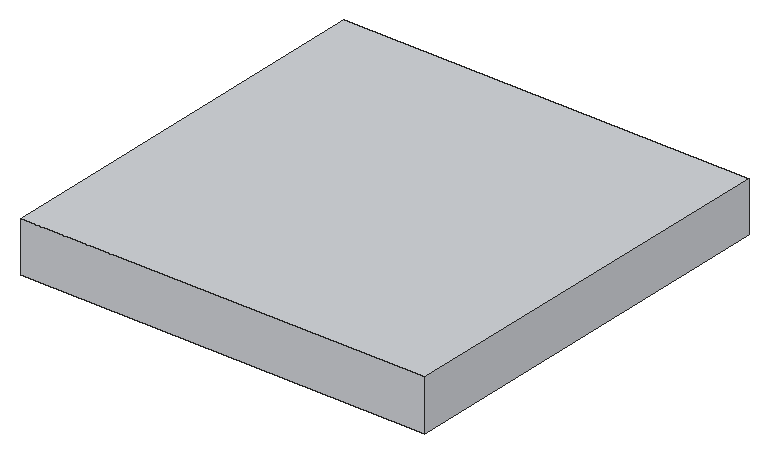
Revit family "05-9912-Z5-CM", category Luminarias, Revit 2017
Family settings
  Anfitrión = Cara
  Cota de conector redondo = Diámetro de uso
  Tipo de pieza = Normal
  Número OmniClass = 23.80.70.00
  Título OmniClass = Lighting
  Corte con vacíos al cargar = No
  Origen de luz = No
  Compartido = Sí
  Punto de cálculo de habitación = No
Parameters (values of type "05-9912-Z5-CM")
  Versión = "v1"
  Vatios (W) = 12.7
  Tipo de regulación = ""
  Tipo = "Aplique"
  Tender text (English) = "LEDS C4\nAfrodita LED 220mm One Emission\n05-9912-Z5-CM\n\nWall light for indoor and outdoor use. \n\nFor downlighting. Structure material: Aluminium. Structure finish: Urban grey. Diffuser material: Glass. Diffuser finish: Partly-sandblasted. UV protection. Warranty: 5 Years.\n\nProduct net weight (Kg): 1.390\nProduct width or diameter (mm): 220\nProduct height (mm): 90\nProduct aperture (mm): 120\n\nClass 1. Glow wire test: 850. IP: IP65. IK: IK04. LED. No. of lampholders or LEDs: 10. LED brand: LEXTAR. Driver brand: EAGLERISE. Maximum power of light source: 11.5W. Colour temperature: LED neutral-white 4000K. Colour rendering index: 80. MacAdam Steps: 3. Maximum diameter of luminaire bulb: 50.000h L80B20. UGR:  22.5. Photobiological risk: RG0. Real flux (lm): 1004. Nominal flux (lm): 1217. Lm/Real W: 79. Voltage and frequency range: 100-240/50-60Hz. Voltage: 6. Gear included: Yes, electronic. Multi-voltage gear included. Total power: 12.7. Power factor: 0.90."
  Tender text (Castellano) = "LEDS C4\nAfrodita LED 220mm One Emission\n05-9912-Z5-CM\n\nAplique de uso interior y exterior para iluminar hacia abajo. \nMaterial estructura: Aluminio. Acabado estructura: Gris urbano. Material difusor: Cristal. Acabado difusor: Semi arenado. Protección contra los rayos ultravioleta. Garantía: 5 Años.\n\nPeso neto del producto (Kg): 1.390\nAnchura o diámetro del producto (mm): 220\nAltura del producto (mm): 90\nSalida del producto (mm): 120\n\nClase 1. Prueba hilo incandescente: 850. IP: IP65. IK: IK04. LED. Nº de portalámparas o Leds: 10. Marca del LED: LEXTAR. Marca del Driver: EAGLERISE. Potencia máxima de la fuente de luz: 11.5W. Temperatura de color: Blanco neutro - 4000K. Índice de reproducción cromática: 80. Steps Mac Adam: 3. Diámetro máximo de la bombilla que admite la luminaria: 50.000h L80B20. UGR:  22.5. Riesgo fotobiológico: RG0. Flujo real (lm): 1004. Flujo nominal (lm): 1217. Lm/W reales: 79. Rango de voltaje/frecuencia: 100-240/50-60Hz. Voltaje: 6. Equipo incluido: Si, electrónico. Equipo multivoltaje incluido. Potencia total: 12.7. Factor de potencia: 0.90."
  Temperatura color led (K) = "Blanco neutro - 4000K"
  Referencia = "05-9912-Z5-CM"
  Rayo de luz = "Check Photometric file"
  Producto descatalogado = "Catalogado ES"
  Pluma comercial = "http://files.leds-c4.com/pl/05-9912-Z5-CM.html"
  Peso neto (KG) = 1.39
  Material = "Aluminio, Cristal"
  Lumenes reales (lm) = 1004
  LDT = "http://files.leds-c4.com/ldt/05-9912-Z5-CM.html"
  Imagen web = "http://files.leds-c4.com/main-photo/05-9912-Z5-CM"
  IfcExportType = "NOTDEFINED"
  IfcExportAs = "IfcLightFixture\r\nIfcLightFixture"
  IP = "IP65"
  IMC = "http://files.leds-c4.com/imc/05-9912-Z5-CM.html"
  IK = "IK04"
  Fuente de luz = "10xLED 11.5 1217.00 lm"
  Fotometría = "http://files.leds-c4.com/fm/05-9912-Z5-CM.html"
  Ficha = "http://files.leds-c4.com/ft/es/05-9912-Z5-CM.html"
  FechaVersion = "Julio 2020"
  Familia = "Afrodita LED 220mm One Emission"
  Fabricante = "LEDS C4"
  Etiqueta V/f = "100-240V/50-60Hz"
  Elevación por defecto = 1000 mm
  Eficiencia energética = "LED A++"
  EAN13 = "8435381496302"
  DescripcionUniformat2010 = "Lighting"
  DescripcionUniclass2015 = "Lighting"
  DescripcionOmniclass = "Lighting"
  DescripcionGubimclass = "Iluminación interior"
  CodigoUniformat2010 = "D5040"
  CodigoUniclass2015 = "EF_70_80"
  CodigoOmniclass = "21-04 50 40"
  CodigoGubimclass = "50.60.50.20"
  Catálogo = "Outdoor"
  Carga aparente = 0 VA
  CRI = 80
  Acabado = "Gris urbano, Semi arenado"
Types (2, lengths in mm): name | Lumenes reales (lm) | CRI
  (no name) | 0 | 0
  05-9912-Z5-CM | 1004 | 80
Values of the unnamed type that differ from the named types
  Vatios (W) = 0
  Tipo = ""
  Tender text (English) = ""
  Tender text (Castellano) = ""
  Temperatura color led (K) = ""
  Referencia = ""
  Rayo de luz = ""
  Producto descatalogado = ""
  Pluma comercial = ""
  Peso neto (KG) = 0
  Material = ""
  LDT = ""
  Imagen web = ""
  IP = ""
  IMC = ""
  IK = ""
  Fuente de luz = ""
  Fotometría = ""
  Ficha = ""
  Familia = ""
  Etiqueta V/f = ""
  Eficiencia energética = ""
  EAN13 = ""
  Catálogo = ""
  Acabado = ""
Reference planes
  plane 1 "Centro (Frontal/Posterior)": y = 0
  plane 2: z = 0
  plane 3 "Centro (Izquierda/Derecha)": x = 0
  plane 4 "Elevación de origen de luz": z = 0
  plane 5 "Eje de origen de luz (F/P)": y = 0
  plane 6 "Eje de origen de luz (I/D)": x = 0
Forms (mm)
  Extrusion 1, solid
    sketch origin (0, 0, 0) x (1, 0, 0) y (0, 1, 0)
      loop
        line (-1219.2, 1219.2) -> (-1219.2, -1219.2) -> (1219.2, -1219.2) -> (1219.2, 1219.2) -> (-1219.2, 1219.2)
    from 0 to -304.8
Dimensions and locks
  aligned and locked: plane 2 to Extrusion 1
  aligned and locked: level to Extrusion 1
Nested families
  nested 1: "Luz anidada" at (47.329, 0, 76.935), type "Tipo1"
  nested 2: "Luz anidada2" at (-47.329, 0, 76.994), type "Tipo1"
Connectors
  electrical at (0, 0, 0)
    settings: on Extrusion 1, index 1, voltage 0 V, apparent load 0 VA, apparent load phase1 0 VA, apparent load phase2 0 VA, apparent load phase3 0 VA, power factor 1, load classification "Otro", number of poles 1, system type 31, power factor state 1, is connector primary yes, connector utility no, sub classification motor no, connector description ""
Definition of nested family "Luz anidada"
  Parameters (values of type "Tipo1")
    Tilt Angle = 0.00°
    Wattage = 6.35 W
    Tipo de regulación = ""
    Tipo = ""
    Tender text = ""
    built-in parameter 1150110 = 1 (stored number, unit not read)
    Pluma comercial = ""
    Material = ""
    Imagen = ""
    IP = ""
    IMC = ""
    IK = ""
    Fotometría = ""
    Ficha = ""
    Familia = ""
    Estado en catálogo = ""
    Peso neto = ""
    Lamp = ""
    built-in parameter 1114217 = 1 (stored number, unit not read)
    built-in parameter 1150109 = 1 (stored number, unit not read)
    Etiqueta vf = ""
    Eficiencia energética = ""
    EAN13 = ""
    built-in parameter 1150134 = (empty or 0)
    built-in parameter 1150113 = 1 (stored number, unit not read)
    Lumens = 2712 lm
    built-in parameter 1150115 = 1 (stored number, unit not read)
    built-in parameter 1150105 = 109.82 (stored number, unit not read)
    built-in parameter 1150137 = (empty or 0)
    built-in parameter 1150139 = (empty or 0)
    built-in parameter 1150112 = 1 (stored number, unit not read)
    built-in parameter 1150114 = 1 (stored number, unit not read)
    built-in parameter 1150132 = (empty or 0)
    built-in parameter 1150102 = (empty or 0)
    built-in parameter 1150138 = (empty or 0)
    built-in parameter 1150107 = 4000 (stored number, unit not read)
    built-in parameter 1150106 = 1.0982 (stored number, unit not read)
    built-in parameter 1150104 = 7.3445 (stored number, unit not read)
    Catálogo = ""
    Dimming Lamp Color Temperature Shift = (empty or 0)
    Color Filter = 16777215
    built-in parameter 1114218 = 1 (stored number, unit not read)
    CRI = 0
    Photometric Web File = "05-9912-Z5-CM.ies"
    Acabado = ""
    built-in parameter 1150133 = 10 (stored number, unit not read)
  Values of the unnamed type that differ from the named types
    built-in parameter 1150107 = 3000 (stored number, unit not read)
    built-in parameter 1150104 = 6.6788 (stored number, unit not read)
  Reference planes
    plane 1 "Eje de origen de luz (F/P)": y = 0
    plane 2: z = 0
    plane 3 "Eje de origen de luz (I/D)": x = 0
    plane 4 "Elevación de origen de luz": z = 0
  Dimensions and locks
    aligned and locked: plane 3 "Eje de origen de luz (I/D)" to imposter light
    aligned and locked: plane 1 "Eje de origen de luz (F/P)" to imposter light
    aligned and locked: plane 4 "Elevación de origen de luz" to imposter light
    aligned and locked: level to plane 2
Definition of nested family "Luz anidada2"
  Parameters (values of type "Tipo1")
    Tilt Angle = 0.00°
    Wattage = 6.35 W
    Tipo de regulación = ""
    Tipo = ""
    Tender text = ""
    built-in parameter 1150110 = 1 (stored number, unit not read)
    Pluma comercial = ""
    Material = ""
    Imagen = ""
    IP = ""
    IMC = ""
    IK = ""
    Fotometría = ""
    Ficha = ""
    Familia = ""
    Estado en catálogo = ""
    Peso neto = ""
    Lamp = ""
    built-in parameter 1114217 = 1 (stored number, unit not read)
    built-in parameter 1150109 = 1 (stored number, unit not read)
    Etiqueta vf = ""
    Eficiencia energética = ""
    EAN13 = ""
    built-in parameter 1150134 = (empty or 0)
    built-in parameter 1150113 = 1 (stored number, unit not read)
    Lumens = 2712 lm
    built-in parameter 1150115 = 1 (stored number, unit not read)
    built-in parameter 1150105 = 109.82 (stored number, unit not read)
    built-in parameter 1150137 = (empty or 0)
    built-in parameter 1150139 = (empty or 0)
    built-in parameter 1150112 = 1 (stored number, unit not read)
    built-in parameter 1150114 = 1 (stored number, unit not read)
    built-in parameter 1150132 = (empty or 0)
    built-in parameter 1150102 = (empty or 0)
    built-in parameter 1150138 = (empty or 0)
    built-in parameter 1150107 = 4000 (stored number, unit not read)
    built-in parameter 1150106 = 1.0982 (stored number, unit not read)
    built-in parameter 1150104 = 7.3445 (stored number, unit not read)
    Catálogo = ""
    Dimming Lamp Color Temperature Shift = (empty or 0)
    Color Filter = 16777215
    built-in parameter 1114218 = 1 (stored number, unit not read)
    CRI = 0
    Photometric Web File = "05-9912-Z5-CM.ies"
    Acabado = ""
    built-in parameter 1150133 = 10 (stored number, unit not read)
  Values of the unnamed type that differ from the named types
    built-in parameter 1150107 = 3000 (stored number, unit not read)
    built-in parameter 1150104 = 6.6788 (stored number, unit not read)
  Reference planes
    plane 1 "Eje de origen de luz (F/P)": y = 0
    plane 2: z = 0
    plane 3 "Eje de origen de luz (I/D)": x = 0
    plane 4 "Elevación de origen de luz": z = 0
  Dimensions and locks
    aligned and locked: plane 3 "Eje de origen de luz (I/D)" to imposter light
    aligned and locked: plane 1 "Eje de origen de luz (F/P)" to imposter light
    aligned and locked: plane 4 "Elevación de origen de luz" to imposter light
    aligned and locked: level to plane 2
